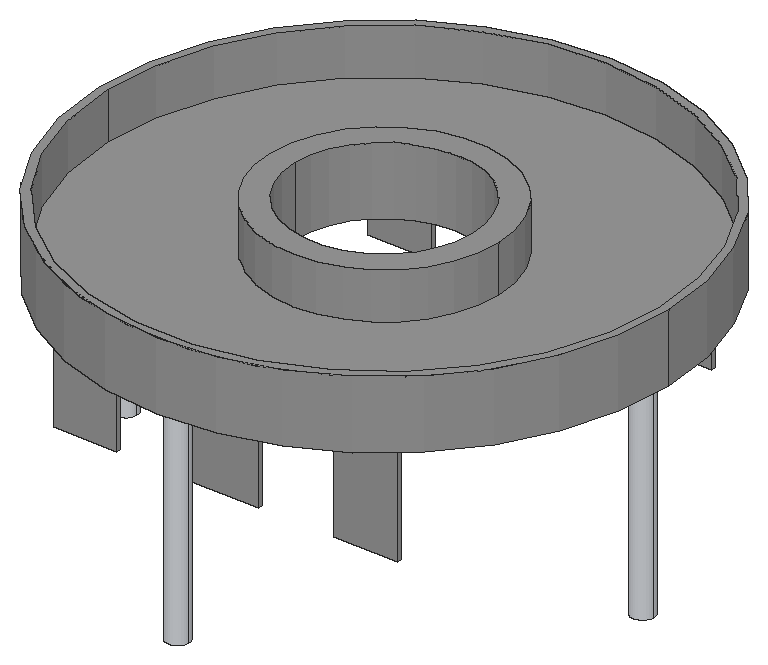
Revit family "Nivellierbare Schwerlastkassette für Tubus, RKFRSL, 25, 9", category Generic Models, Revit 2015
Parameters (values of type "RKFR2 9 SL2V2 25")
  URL = "http://www.obo-bettermann.com"
  Material = Stainless Steel, Polished
  Manufacturer Art.No. = "7409472"
  Manufacturer = "OBO Bettermann"
  HeightCalc = if(Height < 109 mm, 109 mm, (if(Height > 159 mm, 159 mm, Height)))  # 150 mm
  Height 1 = 36.5 mm
  Height = 150 mm
  GTIN = "4012195869801"
  Diameter 1 = 295.6 mm
  Diameter = 304 mm
  Cut depth = 25 mm
  Article Type = "RKFR2 9 SL2V2 25"
Reference planes
  plane 1 "Center (Front/Back)": y = 0
  plane 2: z = 0
  plane 3 "Center (Left/Right)": x = 0
  plane 4: z = 113.5
  plane 5: y = 99.5
  plane 6: y = -99.5
  plane 7: z = 150
  plane 8: z = 54.7
  plane 9: z = 125
Forms (mm)
  Extrusion 1, solid
    sketch origin (0, 0, 0) x (1, 0, 0) y (0, 1, 0)
      loop
        circle (0, 138) r 6
      loop
        circle (0, -138) r 6
      loop
        circle (-138, 0) r 6
      loop
        circle (138, 0) r 6
    from 0 to 113.5
  Extrusion 2, solid, material "Stainless Steel, Polished" <- "Material"
    sketch origin (0, 0, 0) x (1, 0, 0) y (0, 1, 0)
      loop
        line (-92, 106) -> (-92, 104) -> (-58, 104) -> (-58, 106) -> (-92, 106)
      loop
        line (-18, 106) -> (-18, 104) -> (18, 104) -> (18, 106) -> (-18, 106)
      loop
        line (58, 106) -> (58, 104) -> (92, 104) -> (92, 106) -> (58, 106)
      loop
        line (-92, -104) -> (-92, -106) -> (-58, -106) -> (-58, -104) -> (-92, -104)
      loop
        line (-18, -104) -> (-18, -106) -> (18, -106) -> (18, -104) -> (-18, -104)
      loop
        line (58, -104) -> (58, -106) -> (92, -106) -> (92, -104) -> (58, -104)
    from 54.7 to 113.5
  Extrusion 3, solid, material "Stainless Steel, Polished" <- "Material"
    sketch origin (0, 0, 0) x (1, 0, 0) y (0, 1, 0)
      loop
        circle (0, 0) r 152
    from 113.5 to 150
  Extrusion 4, void
    sketch origin (0, 0, 0) x (1, 0, 0) y (0, 1, 0)
      loop
        circle (0, 0) r 147.8
      loop
        circle (0, 0) r 61
    from 125 to 150
  Extrusion 5, void
    sketch origin (0, 0, 0) x (1, 0, 0) y (0, 1, 0)
      loop
        circle (0, 0) r 47.77
    from 113.5 to 150
Cuts and joins
  Extrusion 4 cuts Extrusion 1
  Extrusion 4 cuts Extrusion 2
  Extrusion 4, Extrusion 5 cuts Extrusion 3
Dimensions and locks
  "HeightCalc": plane 7 to level
  "Height 1": plane 7 to plane 4
  locked: plane 4 to plane 8 at 58.8
  "Cut depth": plane 7 to plane 9
  locked: plane 5 to plane 6 at 199
  equal spacing: plane 5, plane 1 "Center (Front/Back)", plane 6, locked at 99.5 each
  locked: plane 1 "Center (Front/Back)" to Extrusion 1 sketch curve at 138
  locked: Extrusion 1 sketch curve to plane 1 "Center (Front/Back)" at 138
  locked: Extrusion 1 sketch curve to plane 3 "Center (Left/Right)" at 138
  locked: plane 3 "Center (Left/Right)" to Extrusion 1 sketch curve at 138
  locked: Extrusion 2 sketch curve to Extrusion 2 sketch curve at 2  (x2)
  locked: Extrusion 2 sketch curve to plane 1 "Center (Front/Back)" at 104  (x2)
  locked: Extrusion 2 sketch curve to Extrusion 2 sketch curve at 34  (x4)
  locked: Extrusion 2 sketch curve to Extrusion 2 sketch curve at 116  (x2)
  equal spacing: Extrusion 2 sketch curve, plane 3 "Center (Left/Right)", Extrusion 2 sketch curve, locked at 58 each  (x2)
  locked: Extrusion 2 sketch curve to Extrusion 2 sketch curve at 36  (x2)
  equal spacing: Extrusion 2 sketch curve, plane 3 "Center (Left/Right)", Extrusion 2 sketch curve, locked at 18 each  (x2)
  "Diameter": diameter of Extrusion 3 sketch curve
  "Diameter 1": diameter of Extrusion 4 sketch curve
  diameter of Extrusion 1 sketch curve = 12 mm  (x4)
  diameter of Extrusion 4 sketch curve = 122 mm
  diameter of Extrusion 5 sketch curve = 95.54 mm
  aligned and locked: level to plane 2
  aligned and locked: plane 4 to Extrusion 1
  aligned and locked: Extrusion 1 to Extrusion 2
  aligned and locked: Extrusion 2 to plane 8
  aligned and locked: Extrusion 3 to Extrusion 1
  aligned and locked: plane 7 to Extrusion 3
  aligned and locked: cut or joined group of Extrusion 3, Extrusion 4, Extrusion 5 to Extrusion 4
  aligned and locked: Extrusion 4 to plane 9
  aligned and locked: Extrusion 2 sketch curve to Extrusion 2 sketch curve  (x8)
  aligned and locked: Extrusion 3 to Extrusion 5  (x2)
Automatic sketch dimensions
  Extrusion 1 sketch curve to plane 3 "Center (Left/Right)" = 0 mm  (x2)
  plane 1 "Center (Front/Back)" to Extrusion 1 sketch curve = 0 mm  (x2)
  plane 1 "Center (Front/Back)" to Extrusion 3 sketch curve = 0 mm
  Extrusion 3 sketch curve to plane 3 "Center (Left/Right)" = 0 mm
  Extrusion 4 sketch curve to Extrusion 4 sketch curve = 0 mm  (x2)
  plane 1 "Center (Front/Back)" to Extrusion 4 sketch curve = 0 mm
  Extrusion 4 sketch curve to plane 3 "Center (Left/Right)" = 0 mm
  plane 1 "Center (Front/Back)" to Extrusion 5 sketch curve = 0 mm
  Extrusion 5 sketch curve to plane 3 "Center (Left/Right)" = 0 mm
